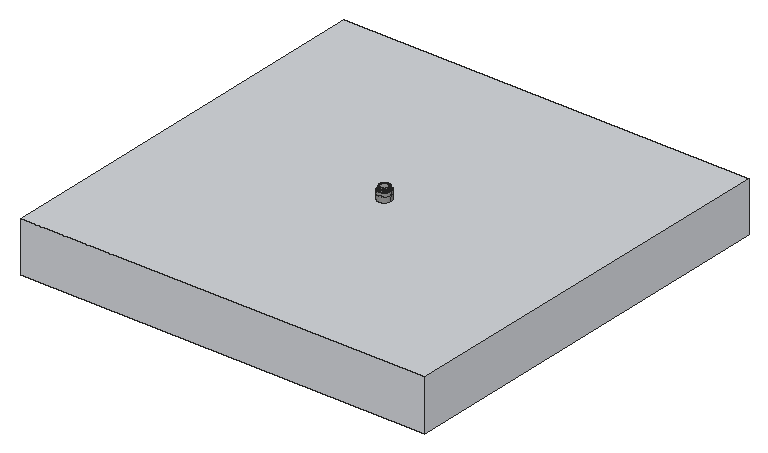
Revit family "Hekatron_Brandmeldetechnik_ORS 155 F MC  _DE_23.01", category Brandmelder, Revit 2018
Family settings
  Basisbauteil = Fläche
  Beschriftungsausrichtung beibehalten = Ja
  Bemaßung runder Anschluss = Durchmesser verwenden
  Teiletyp = Normal
  OmniClass-Nummer = 23.85.30.21
  OmniClass-Titel = Environmental Detection/Registration
  Beim Laden mit Abzugskörper schneiden = Nein
  Gemeinsam genutzt = Nein
  Raumberechnungspunkt = Nein
Parameters (values of type "ORS 155 F MC")
  Zulassungen nach EN 54 = "54-7, 54-25"
  Zulaessige Umgebungstemperatur = "-30 °C bis 70 °C"
  Zulaessige Luftgeschwindigkeit = ""
  Version des BIM Objektes = "23.01"
  VdS-Anerkennung = ""
  URL = "www.hekatron-brandschutz.de"
  UB A&S Artikel Nummer = "31-5000026-91-03"
  Typenkommentare = "Optischer Rauchschalter 155 Funk, Multi-Color"
  Tiefe (mm) = ""
  Stromaufnahme = ""
  Schutzart = "IP 42"
  Rauchteil einstellbar = ""
  Nettogewicht (g) = "168.0"
  Montageart = "Decke "
  Model = "ORS 155 F MC "
  Material = "Polycarbonat "
  Link zum Datenblatt = "https://www.hekatron-brandschutz.de/fileadmin/hekatron_elo/eloid/montageanleitung-ors-155-f_14638944.pdf"
  Link zu ausschreiben.de = "https://ausschreiben.de/catalog/hekatron/catalogItem/ec6bc8dc-b229-4226-a96c-668f20952e68"
  Link zu Produktinformation = "https://www.hekatron-brandschutz.de/fileadmin/hekatron_elo/manuell/Produktinformation-Funksystem-155-F.pdf"
  Link zu Ausschreibungstext = "https://www.meinhplus.de/login"
  Leistungserklaerung (DoP) = "CRP-31-20-001"
  Lautstaerke DIN-Ton (dB) = ""
  Kabeleinführung = ""
  Hoehe (mm) = "70.0"
  Hersteller = "Hekatron"
  Funktionsprinzip = ""
  Farbe = "Multicolor "
  Ex-Zonen = ""
  Einstellung Temperaturklasse nach EN 54-5 = ""
  Einstellung Temperaturindex nach EN 54-5 = ""
  Einstellung Rauchempfindlichkeit nach EN 54-20 = ""
  Einstellen Rauchempfindlichkeit nach EN 54-7 = ""
  EG-Konformitaetszertifikat / Zertifikat der Leistungsbestaendigkeit = "1772-CPR-200341"
  Durchmesser (mm) = "80.0"
  Diameter [instance] = 80 mm
  Breite (mm) = ""
  Betriebsspannung = "3 V DC"
  Beschreibung = "Optischer Funkrauchschalter zum Einsatz in Feststellanlagen und weiteren Anwendungen."
  Depth [instance] = 70 mm
  Vorgabe-Ansicht = 1200 mm
  Bauartgenehmigungen = ""
  Anzahl Ansaugleitungen = ""
  Ansprechtemperatur = ""
  Alarm- & Empfindlichkeitsbereich = ""
Types (2, lengths in mm): name | Typenkommentare | Beschreibung
  (no name) | "Radio optical smoke switch 155, multicolor" | "Radio optical smoke switch 155, multicolor"
  ORS 155 F MC | "Optischer Rauchschalter 155 Funk, Multi-Color" | "Optischer Funkrauchschalter zum Einsatz in Feststellanlagen und weiteren Anwendungen."
Values of the unnamed type that differ from the named types
  Zulassungen nach EN 54 = ""
  Zulaessige Umgebungstemperatur = ""
  Version des BIM Objektes = ""
  UB A&S Artikel Nummer = ""
  Schutzart = ""
  Nettogewicht (g) = ""
  Montageart = ""
  Model = "ORS 155 F MC"
  Material = ""
  Link zum Datenblatt = ""
  Link zu ausschreiben.de = ""
  Link zu Produktinformation = ""
  Link zu Ausschreibungstext = ""
  Leistungserklaerung (DoP) = ""
  Hoehe (mm) = ""
  Farbe = ""
  EG-Konformitaetszertifikat / Zertifikat der Leistungsbestaendigkeit = ""
  Durchmesser (mm) = ""
  Betriebsspannung = ""
Reference planes
  plane 1 "Center (Front/Back)": y = 0
  plane 2: z = 0
  plane 3 "Center (Left/Right)": x = 0
Forms (mm)
  Extrusion 1, solid
    sketch origin (0, 0, 0) x (1, 0, 0) y (0, 1, 0)
      loop
        line (-1219.2, 1219.2) -> (-1219.2, -1219.2) -> (1219.2, -1219.2) -> (1219.2, 1219.2) -> (-1219.2, 1219.2)
    from 0 to -304.8
  Blend 2, solid, material "Polycarbonat, RAL 9010"
    base sketch origin (0, 0, 0) x (1, 0, 0) y (0, 1, 0)
      loop
        circle (0, 0) r 39.4
    top sketch origin (0, 0, 0) x (1, 0, 0) y (0, 1, 0)
      loop
        circle (0, 0) r 40
    from 0.5 to 32.7
  Extrusion 3, solid, material "Polycarbonat, RAL 9010"
    sketch origin (0, 0, 0) x (1, 0, 0) y (0, 1, 0)
      loop
        circle (0, 0) r 40
      loop
        circle (0, 0) r 37.4
    from 33.7 to 49.6
  Extrusion 4, solid, material "Polycarbonat, RAL 9010"
    sketch origin (0, 0, 0) x (1, 0, 0) y (0, 1, 0)
      loop
        circle (0, 0) r 38.7
    from 32.7 to 33.7
  Extrusion 5, solid, material "Polycarbonat, RAL 9010"
    sketch origin (0, 0, 0) x (1, 0, 0) y (0, 1, 0)
      loop
        circle (0, 0) r 29.2
    from 49.6 to 54.756
  Extrusion 6, solid, material "Polycarbonat, RAL 9010"
    sketch origin (0, 0, 0) x (1, 0, 0) y (0, 1, 0)
      loop
        circle (0, 0) r 34.25
      loop
        circle (0, 0) r 37.25
    from 33.7 to 49.6
  Extrusion 7, solid, material "Polycarbonat, RAL 9010"
    sketch origin (0, 0, 0) x (1, 0, 0) y (0, 1, 0)
      loop
        circle (0, 0) r 29.22
      loop
        circle (0, 0) r 34.1
    from 33.7 to 49.6
  Revolve 8, solid, material "Polycarbonat, RAL 9010"
    sketch origin (0, 0, 0) x (1, 0, 0) y (0, 0, 1)
      loop
        line (-28.95, 56.905) -> (-28.95, 55.705) -> (-26.691, 55.705) -> (-26.691, 56.905) -> (-28.95, 56.905)
      loop
        line (-28.95, 59.605) -> (-28.95, 58.405) -> (-26.691, 58.405) -> (-26.691, 59.605) -> (-28.95, 59.605)
      loop
        line (-28.95, 62.405) -> (-28.95, 61.205) -> (-26.691, 61.205) -> (-26.691, 62.405) -> (-28.95, 62.405)
      loop
        line (-28.95, 65.805) -> (-28.95, 64.425) -> (-24.95, 64.425) -> (-24.95, 65.805) -> (-28.95, 65.805)
      loop
        line (-28.95, 70) -> (-28.95, 68.242) -> (-26.691, 68.242) -> (-26.691, 70) -> (-28.95, 70)
      axis (0, 70) -> (0, 55.705)
    angle from 0 to 360
  Extrusion 9, solid, material "Polycarbonat, RAL 9010"
    sketch origin (18.332, -14.712, 1.143) x (-0.390731, -0.920505, 0) y (0, 0, 1)
      loop
        line (18.452, 67.399) -> (18.452, 64.962) -> (20.837, 64.962)
        arc (20.837, 64.962) -> (20.206, 65.628) -> (19.977, 66.516) r 1.835
        line (19.977, 66.516) -> (19.977, 67.399) -> (18.452, 67.399)
    from 21.064 to 25.046
  Extrusion 10, solid, material "Polycarbonat, RAL 9010"
    sketch origin (-18.332, -14.712, 1.143) x (0.390731, -0.920505, 0) y (0, 0, -1)
      loop
        line (18.452, -67.399) -> (19.977, -67.399) -> (19.977, -66.516)
        arc (19.977, -66.516) -> (20.206, -65.628) -> (20.837, -64.962) r 1.835
        line (20.837, -64.962) -> (18.452, -64.962) -> (18.452, -67.399)
    from 21.064 to 25.046
  Extrusion 11, solid, material "Polycarbonat, RAL 9010"
    sketch origin (14.712, -18.332, 1.143) x (0.920505, 0.390731, 0) y (0, 0, -1)
      loop
        line (18.452, -67.399) -> (19.977, -67.399) -> (19.977, -66.516)
        arc (19.977, -66.516) -> (20.206, -65.628) -> (20.837, -64.962) r 1.835
        line (20.837, -64.962) -> (18.452, -64.962) -> (18.452, -67.399)
    from 21.064 to 25.046
  Extrusion 12, solid, material "Polycarbonat, RAL 9010"
    sketch origin (14.712, 18.332, 1.143) x (0.920505, -0.390731, 0) y (0, 0, 1)
      loop
        line (18.452, 67.399) -> (18.452, 64.962) -> (20.837, 64.962)
        arc (20.837, 64.962) -> (20.206, 65.628) -> (19.977, 66.516) r 1.835
        line (19.977, 66.516) -> (19.977, 67.399) -> (18.452, 67.399)
    from 21.064 to 25.046
  Extrusion 13, solid, material "Polycarbonat, RAL 9010"
    sketch origin (-14.712, -18.332, 1.143) x (-0.920505, 0.390731, 0) y (0, 0, 1)
      loop
        line (18.452, 67.399) -> (18.452, 64.962) -> (20.837, 64.962)
        arc (20.837, 64.962) -> (20.206, 65.628) -> (19.977, 66.516) r 1.835
        line (19.977, 66.516) -> (19.977, 67.399) -> (18.452, 67.399)
    from 21.064 to 25.046
  Extrusion 14, solid, material "Polycarbonat, RAL 9010"
    sketch origin (-14.712, 18.332, 1.143) x (-0.920505, -0.390731, 0) y (0, 0, -1)
      loop
        line (18.452, -67.399) -> (19.977, -67.399) -> (19.977, -66.516)
        arc (19.977, -66.516) -> (20.206, -65.628) -> (20.837, -64.962) r 1.835
        line (20.837, -64.962) -> (18.452, -64.962) -> (18.452, -67.399)
    from 21.064 to 25.046
  Extrusion 15, solid, material "Polycarbonat, RAL 9010"
    sketch origin (18.332, 14.712, 1.143) x (-0.390731, 0.920505, 0) y (0, 0, -1)
      loop
        line (18.452, -67.399) -> (19.977, -67.399) -> (19.977, -66.516)
        arc (19.977, -66.516) -> (20.206, -65.628) -> (20.837, -64.962) r 1.835
        line (20.837, -64.962) -> (18.452, -64.962) -> (18.452, -67.399)
    from 21.064 to 25.046
  Extrusion 16, solid, material "Polycarbonat, RAL 9010"
    sketch origin (-18.332, 14.712, 1.143) x (0.390731, 0.920505, 0) y (0, 0, 1)
      loop
        line (18.452, 67.399) -> (18.452, 64.962) -> (20.837, 64.962)
        arc (20.837, 64.962) -> (20.206, 65.628) -> (19.977, 66.516) r 1.835
        line (19.977, 66.516) -> (19.977, 67.399) -> (18.452, 67.399)
    from 21.064 to 25.046
  Extrusion 17, solid, material "Polycarbonat, RAL 9010"
    sketch origin (0, 0, 0) x (1, 0, 0) y (0, 1, 0)
      loop
        line (9.648, 26.718) -> (9.017, 25.233) -> (12.682, 23.677) -> (13.313, 25.162) -> (9.648, 26.718)
    from 54.756 to 64.725
  Extrusion 18, solid, material "Polycarbonat, RAL 9010"
    sketch origin (0, 0, 0) x (-1, 0, 0) y (0, -1, 0)
      loop
        line (9.648, -26.718) -> (13.313, -25.162) -> (12.682, -23.677) -> (9.017, -25.233) -> (9.648, -26.718)
    from 54.756 to 64.725
  Extrusion 19, solid, material "Polycarbonat, RAL 9010"
    sketch origin (0, 0, 0) x (0, -1, 0) y (1, 0, 0)
      loop
        line (9.648, -26.718) -> (13.313, -25.162) -> (12.682, -23.677) -> (9.017, -25.233) -> (9.648, -26.718)
    from 54.756 to 64.725
  Extrusion 20, solid, material "Polycarbonat, RAL 9010"
    sketch origin (0, 0, 0) x (0, 1, 0) y (-1, 0, 0)
      loop
        line (9.648, 26.718) -> (9.017, 25.233) -> (12.682, 23.677) -> (13.313, 25.162) -> (9.648, 26.718)
    from 54.756 to 64.725
  Extrusion 21, solid, material "Polycarbonat, RAL 9010"
    sketch origin (0, 0, 0) x (0, -1, 0) y (1, 0, 0)
      loop
        line (9.648, 26.718) -> (9.017, 25.233) -> (12.682, 23.677) -> (13.313, 25.162) -> (9.648, 26.718)
    from 54.756 to 64.725
  Extrusion 22, solid, material "Polycarbonat, RAL 9010"
    sketch origin (0, 0, 0) x (0, 1, 0) y (-1, 0, 0)
      loop
        line (9.648, -26.718) -> (13.313, -25.162) -> (12.682, -23.677) -> (9.017, -25.233) -> (9.648, -26.718)
    from 54.756 to 64.725
  Extrusion 23, solid, material "Polycarbonat, RAL 9010"
    sketch origin (0, 0, 0) x (1, 0, 0) y (0, 1, 0)
      loop
        line (9.648, -26.718) -> (13.313, -25.162) -> (12.682, -23.677) -> (9.017, -25.233) -> (9.648, -26.718)
    from 54.756 to 64.725
  Extrusion 24, solid, material "Polycarbonat, RAL 9010"
    sketch origin (0, 0, 0) x (-1, 0, 0) y (0, -1, 0)
      loop
        line (9.648, 26.718) -> (9.017, 25.233) -> (12.682, 23.677) -> (13.313, 25.162) -> (9.648, 26.718)
    from 54.756 to 64.725
  Extrusion 25, solid, material "Polycarbonat, RAL 9010"
    sketch origin (0, 0, 0) x (1, 0, 0) y (0, 1, 0)
      loop
        line (23.731, 18.897) -> (20.267, 16.897)
        arc (20.267, 16.897) -> (18.62, 10.75) -> (24.767, 9.103) r 4.5
        line (24.767, 9.103) -> (28.231, 11.103)
        arc (28.231, 11.103) -> (29.878, 17.25) -> (23.731, 18.897) r 4.5
      loop
        line (-20.617, -14.79) -> (-23.117, -10.46)
        arc (-23.117, -10.46) -> (-29.264, -8.813) -> (-30.911, -14.96) r 4.5
        line (-30.911, -14.96) -> (-28.411, -19.29)
        arc (-28.411, -19.29) -> (-22.264, -20.937) -> (-20.617, -14.79) r 4.5
      loop
        arc (21.517, 14.732) -> (20.785, 12) -> (23.517, 11.268) r 2
        line (23.517, 11.268) -> (26.981, 13.268)
        arc (26.981, 13.268) -> (27.713, 16) -> (24.981, 16.732) r 2
        line (24.981, 16.732) -> (21.517, 14.732)
      loop
        arc (-26.246, -18.04) -> (-23.514, -18.772) -> (-22.782, -16.04) r 2
        line (-22.782, -16.04) -> (-25.282, -11.71)
        arc (-25.282, -11.71) -> (-28.014, -10.978) -> (-28.746, -13.71) r 2
        line (-28.746, -13.71) -> (-26.246, -18.04)
      loop
        circle (-14.879, 25.763) r 4.02
      loop
        circle (-14.879, 25.763) r 5
      loop
        circle (14.879, -25.763) r 4.02
      loop
        circle (14.879, -25.763) r 5
    from 0 to 0.5
  Extrusion 26, void
    sketch origin (0, 0, 0) x (1, 0, 0) y (0, 1, 0)
      loop
        circle (0, 0) r 5
      loop
        circle (-14.879, 25.763) r 4.02
      loop
        line (24.981, 16.732) -> (21.517, 14.732)
        arc (21.517, 14.732) -> (20.785, 12) -> (23.517, 11.268) r 2
        line (23.517, 11.268) -> (26.981, 13.268)
        arc (26.981, 13.268) -> (27.713, 16) -> (24.981, 16.732) r 2
      loop
        circle (14.879, -25.763) r 4.02
      loop
        line (-22.782, -16.04) -> (-25.282, -11.71)
        arc (-25.282, -11.71) -> (-28.014, -10.978) -> (-28.746, -13.71) r 2
        line (-28.746, -13.71) -> (-26.246, -18.04)
        arc (-26.246, -18.04) -> (-23.514, -18.772) -> (-22.782, -16.04) r 2
    from 0.5 to 1
  Extrusion 27, solid, material "Polycarbonat, RAL 9010"
    sketch origin (0, 0, 0) x (1, 0, 0) y (0, 1, 0)
      loop
        circle (0, 0) r 26.691
    from 68.542 to 70
Cuts and joins
  Extrusion 26 cuts Blend 2
  Extrusion 26 cuts Extrusion 4
  Extrusion 26 cuts Extrusion 5
Dimensions and locks
  "Depth": Revolve 8 to Extrusion 1
  "Diameter": diameter of Extrusion 3
  aligned and locked: plane 2 to Extrusion 1
  aligned and locked: level to Extrusion 1
Automatic sketch dimensions
  Extrusion 1 sketch curve to Extrusion 1 sketch curve = 2438.4 mm  (x2)
  plane 1 "Center (Front/Back)" to Blend 2 sketch curve = 0 mm  (x2)
  Blend 2 sketch curve to plane 3 "Center (Left/Right)" = 0 mm  (x2)
  Extrusion 3 sketch curve to Extrusion 3 sketch curve = 0 mm  (x2)
  plane 1 "Center (Front/Back)" to Extrusion 3 sketch curve = 0 mm
  Extrusion 3 sketch curve to plane 3 "Center (Left/Right)" = 0 mm
  plane 1 "Center (Front/Back)" to Extrusion 4 sketch curve = 0 mm
  Extrusion 4 sketch curve to plane 3 "Center (Left/Right)" = 0 mm
  plane 1 "Center (Front/Back)" to Extrusion 5 sketch curve = 0 mm
  Extrusion 5 sketch curve to plane 3 "Center (Left/Right)" = 0 mm
  Extrusion 6 sketch curve to Extrusion 6 sketch curve = 0 mm  (x2)
  plane 1 "Center (Front/Back)" to Extrusion 6 sketch curve = 0 mm
  Extrusion 6 sketch curve to plane 3 "Center (Left/Right)" = 0 mm
  Extrusion 7 sketch curve to Extrusion 7 sketch curve = 0 mm  (x2)
  plane 1 "Center (Front/Back)" to Extrusion 7 sketch curve = 0 mm
  Extrusion 7 sketch curve to plane 3 "Center (Left/Right)" = 0 mm
  Revolve 8 sketch curve to plane 3 "Center (Left/Right)" = 0 mm
  Revolve 8 sketch curve to plane 3 "Center (Left/Right)" = 24.95 mm
  Revolve 8 sketch curve to Revolve 8 sketch curve = 1.741 mm  (x2)
  Revolve 8 sketch curve to Revolve 8 sketch curve = 0 mm  (x3)
  Revolve 8 sketch curve to Revolve 8 sketch curve = 2.259 mm  (x4)
  level to Revolve 8 sketch curve = 55.705 mm
  Revolve 8 sketch curve to Revolve 8 sketch curve = 1.2 mm  (x3)
  Revolve 8 sketch curve to Revolve 8 sketch curve = 1.5 mm
  Revolve 8 sketch curve to Revolve 8 sketch curve = 1.6 mm
  Revolve 8 sketch curve to Revolve 8 sketch curve = 2.02 mm
  Revolve 8 sketch curve to Revolve 8 sketch curve = 1.38 mm
  Revolve 8 sketch curve to Revolve 8 sketch curve = 2.437 mm
  Revolve 8 sketch curve to Revolve 8 sketch curve = 1.758 mm
  Revolve 8 sketch curve to level = 609.6 mm
  Revolve 8 sketch curve to Revolve 8 sketch curve = 2538.758 mm
  level to Extrusion 9 sketch curve = 66.105 mm
  Extrusion 9 sketch curve to Extrusion 9 sketch curve = 1.524 mm
  Extrusion 9 sketch curve to Extrusion 9 sketch curve = 0.86 mm
  Extrusion 9 sketch curve to Extrusion 9 sketch curve = 0.975 mm
  Extrusion 9 sketch curve to Extrusion 9 sketch curve = 0.883 mm
  level to Extrusion 10 sketch curve = 66.105 mm
  Extrusion 10 sketch curve to Extrusion 10 sketch curve = 1.524 mm
  Extrusion 10 sketch curve to Extrusion 10 sketch curve = 0.86 mm
  Extrusion 10 sketch curve to Extrusion 10 sketch curve = 0.975 mm
  Extrusion 10 sketch curve to Extrusion 10 sketch curve = 0.883 mm
  level to Extrusion 11 sketch curve = 66.105 mm
  Extrusion 11 sketch curve to Extrusion 11 sketch curve = 1.524 mm
  Extrusion 11 sketch curve to Extrusion 11 sketch curve = 0.86 mm
  Extrusion 11 sketch curve to Extrusion 11 sketch curve = 0.975 mm
  Extrusion 11 sketch curve to Extrusion 11 sketch curve = 0.883 mm
  level to Extrusion 12 sketch curve = 66.105 mm
  Extrusion 12 sketch curve to Extrusion 12 sketch curve = 1.524 mm
  Extrusion 12 sketch curve to Extrusion 12 sketch curve = 0.86 mm
  Extrusion 12 sketch curve to Extrusion 12 sketch curve = 0.975 mm
  Extrusion 12 sketch curve to Extrusion 12 sketch curve = 0.883 mm
  level to Extrusion 13 sketch curve = 66.105 mm
  Extrusion 13 sketch curve to Extrusion 13 sketch curve = 1.524 mm
  Extrusion 13 sketch curve to Extrusion 13 sketch curve = 0.86 mm
  Extrusion 13 sketch curve to Extrusion 13 sketch curve = 0.975 mm
  Extrusion 13 sketch curve to Extrusion 13 sketch curve = 0.883 mm
  level to Extrusion 14 sketch curve = 66.105 mm
  Extrusion 14 sketch curve to Extrusion 14 sketch curve = 1.524 mm
  Extrusion 14 sketch curve to Extrusion 14 sketch curve = 0.86 mm
  Extrusion 14 sketch curve to Extrusion 14 sketch curve = 0.975 mm
  Extrusion 14 sketch curve to Extrusion 14 sketch curve = 0.883 mm
  level to Extrusion 15 sketch curve = 66.105 mm
  Extrusion 15 sketch curve to Extrusion 15 sketch curve = 1.524 mm
  Extrusion 15 sketch curve to Extrusion 15 sketch curve = 0.86 mm
  Extrusion 15 sketch curve to Extrusion 15 sketch curve = 0.975 mm
  Extrusion 15 sketch curve to Extrusion 15 sketch curve = 0.883 mm
  level to Extrusion 16 sketch curve = 66.105 mm
  Extrusion 16 sketch curve to Extrusion 16 sketch curve = 1.524 mm
  Extrusion 16 sketch curve to Extrusion 16 sketch curve = 0.86 mm
  Extrusion 16 sketch curve to Extrusion 16 sketch curve = 0.975 mm
  Extrusion 16 sketch curve to Extrusion 16 sketch curve = 0.883 mm
  plane 3 "Center (Left/Right)" to Extrusion 17 sketch curve = 9.017 mm
  Extrusion 17 sketch curve to Extrusion 17 sketch curve = 0.631 mm
  Extrusion 17 sketch curve to Extrusion 17 sketch curve = 3.665 mm
  Extrusion 17 sketch curve to plane 1 "Center (Front/Back)" = 23.677 mm
  Extrusion 17 sketch curve to Extrusion 17 sketch curve = 1.486 mm
  plane 3 "Center (Left/Right)" to Extrusion 18 sketch curve = 9.017 mm
  Extrusion 18 sketch curve to Extrusion 18 sketch curve = 0.631 mm
  Extrusion 18 sketch curve to Extrusion 18 sketch curve = 3.665 mm
  plane 1 "Center (Front/Back)" to Extrusion 18 sketch curve = 23.677 mm
  Extrusion 18 sketch curve to Extrusion 18 sketch curve = 1.486 mm
  Extrusion 19 sketch curve to plane 1 "Center (Front/Back)" = 9.017 mm
  Extrusion 19 sketch curve to Extrusion 19 sketch curve = 0.631 mm
  Extrusion 19 sketch curve to Extrusion 19 sketch curve = 3.665 mm
  plane 3 "Center (Left/Right)" to Extrusion 19 sketch curve = 23.677 mm
  Extrusion 19 sketch curve to Extrusion 19 sketch curve = 1.486 mm
  Extrusion 20 sketch curve to plane 1 "Center (Front/Back)" = 9.017 mm
  Extrusion 20 sketch curve to Extrusion 20 sketch curve = 0.631 mm
  Extrusion 20 sketch curve to Extrusion 20 sketch curve = 3.665 mm
  Extrusion 20 sketch curve to plane 3 "Center (Left/Right)" = 23.677 mm
  Extrusion 20 sketch curve to Extrusion 20 sketch curve = 1.486 mm
  plane 1 "Center (Front/Back)" to Extrusion 21 sketch curve = 9.017 mm
  Extrusion 21 sketch curve to Extrusion 21 sketch curve = 0.631 mm
  Extrusion 21 sketch curve to Extrusion 21 sketch curve = 3.665 mm
  plane 3 "Center (Left/Right)" to Extrusion 21 sketch curve = 23.677 mm
  Extrusion 21 sketch curve to Extrusion 21 sketch curve = 1.486 mm
  plane 1 "Center (Front/Back)" to Extrusion 22 sketch curve = 9.017 mm
  Extrusion 22 sketch curve to Extrusion 22 sketch curve = 0.631 mm
  Extrusion 22 sketch curve to Extrusion 22 sketch curve = 3.665 mm
  Extrusion 22 sketch curve to plane 3 "Center (Left/Right)" = 23.677 mm
  Extrusion 22 sketch curve to Extrusion 22 sketch curve = 1.486 mm
  Extrusion 23 sketch curve to plane 3 "Center (Left/Right)" = 9.017 mm
  Extrusion 23 sketch curve to Extrusion 23 sketch curve = 0.631 mm
  Extrusion 23 sketch curve to Extrusion 23 sketch curve = 3.665 mm
  Extrusion 23 sketch curve to plane 1 "Center (Front/Back)" = 23.677 mm
  Extrusion 23 sketch curve to Extrusion 23 sketch curve = 1.486 mm
  Extrusion 24 sketch curve to plane 3 "Center (Left/Right)" = 9.017 mm
  Extrusion 24 sketch curve to Extrusion 24 sketch curve = 0.631 mm
  Extrusion 24 sketch curve to Extrusion 24 sketch curve = 3.665 mm
  plane 1 "Center (Front/Back)" to Extrusion 24 sketch curve = 23.677 mm
  Extrusion 24 sketch curve to Extrusion 24 sketch curve = 1.486 mm
  Extrusion 25 sketch curve to Extrusion 25 sketch curve = 0 mm  (x12)
  plane 1 "Center (Front/Back)" to Extrusion 25 sketch curve = 14.96 mm
  Extrusion 25 sketch curve to plane 3 "Center (Left/Right)" = 30.911 mm
  plane 1 "Center (Front/Back)" to Extrusion 25 sketch curve = 13.71 mm
  Extrusion 25 sketch curve to Extrusion 25 sketch curve = 2.165 mm  (x3)
  Extrusion 25 sketch curve to Extrusion 25 sketch curve = 2.5 mm
  Extrusion 25 sketch curve to Extrusion 25 sketch curve = 1.732 mm  (x6)
  plane 1 "Center (Front/Back)" to Extrusion 25 sketch curve = 11.71 mm
  plane 1 "Center (Front/Back)" to Extrusion 25 sketch curve = 10.46 mm
  plane 1 "Center (Front/Back)" to Extrusion 25 sketch curve = 16.04 mm
  plane 1 "Center (Front/Back)" to Extrusion 25 sketch curve = 14.79 mm
  Extrusion 25 sketch curve to plane 3 "Center (Left/Right)" = 14.879 mm
  plane 3 "Center (Left/Right)" to Extrusion 25 sketch curve = 14.879 mm
  plane 3 "Center (Left/Right)" to Extrusion 25 sketch curve = 20.267 mm
  Extrusion 25 sketch curve to Extrusion 25 sketch curve = 1.25 mm  (x4)
  Extrusion 25 sketch curve to Extrusion 25 sketch curve = 1 mm  (x5)
  Extrusion 25 sketch curve to plane 1 "Center (Front/Back)" = 11.268 mm
  Extrusion 25 sketch curve to Extrusion 25 sketch curve = 3.464 mm
  Extrusion 25 sketch curve to plane 1 "Center (Front/Back)" = 9.103 mm
  Extrusion 25 sketch curve to plane 1 "Center (Front/Back)" = 13.268 mm
  Extrusion 25 sketch curve to plane 1 "Center (Front/Back)" = 11.103 mm
  plane 1 "Center (Front/Back)" to Extrusion 25 sketch curve = 25.763 mm
  Extrusion 25 sketch curve to plane 1 "Center (Front/Back)" = 25.763 mm
  Extrusion 26 sketch curve to Extrusion 26 sketch curve = 0 mm  (x4)
  plane 1 "Center (Front/Back)" to Extrusion 26 sketch curve = 0 mm
  Extrusion 26 sketch curve to plane 3 "Center (Left/Right)" = 0 mm
  Extrusion 26 sketch curve to plane 3 "Center (Left/Right)" = 14.879 mm
  Extrusion 26 sketch curve to plane 3 "Center (Left/Right)" = 22.782 mm
  Extrusion 26 sketch curve to Extrusion 26 sketch curve = 1.732 mm  (x6)
  plane 1 "Center (Front/Back)" to Extrusion 26 sketch curve = 11.71 mm
  Extrusion 26 sketch curve to Extrusion 26 sketch curve = 2.5 mm
  plane 1 "Center (Front/Back)" to Extrusion 26 sketch curve = 13.71 mm
  plane 3 "Center (Left/Right)" to Extrusion 26 sketch curve = 14.879 mm
  plane 3 "Center (Left/Right)" to Extrusion 26 sketch curve = 21.517 mm
  Extrusion 26 sketch curve to Extrusion 26 sketch curve = 1 mm  (x5)
  Extrusion 26 sketch curve to Extrusion 26 sketch curve = 3.464 mm
  Extrusion 26 sketch curve to plane 1 "Center (Front/Back)" = 13.268 mm
  Extrusion 26 sketch curve to Extrusion 26 sketch curve = 4.33 mm
  plane 1 "Center (Front/Back)" to Extrusion 26 sketch curve = 25.763 mm
  Extrusion 26 sketch curve to Extrusion 26 sketch curve = 2 mm
  Extrusion 26 sketch curve to plane 1 "Center (Front/Back)" = 25.763 mm
  Extrusion 26 sketch curve to Extrusion 26 sketch curve = 4.02 mm  (x2)
  Extrusion 27 sketch curve to Extrusion 27 sketch curve = 0 mm  (x2)
  plane 1 "Center (Front/Back)" to Extrusion 27 sketch curve = 0 mm
  Extrusion 27 sketch curve to plane 3 "Center (Left/Right)" = 0 mm
  Extrusion 27 sketch curve to Extrusion 27 sketch curve = 26.691 mm
  radius of Blend 2 sketch curve = 39.4 mm
  radius of Blend 2 sketch curve = 40 mm
  radius of Extrusion 3 sketch curve = 40 mm
  radius of Extrusion 3 sketch curve = 37.4 mm
  radius of Extrusion 4 sketch curve = 38.7 mm
  radius of Extrusion 5 sketch curve = 29.2 mm
  radius of Extrusion 6 sketch curve = 34.25 mm
  radius of Extrusion 6 sketch curve = 37.25 mm
  radius of Extrusion 7 sketch curve = 29.22 mm
  radius of Extrusion 7 sketch curve = 34.1 mm
  radius of Extrusion 25 sketch curve = 4.02 mm  (x2)
  radius of Extrusion 25 sketch curve = 5 mm  (x2)
  radius of Extrusion 26 sketch curve = 5 mm
Connectors
  electrical at (0, 0, 0)
    settings: index 1, voltage 0 V, apparent load 0 VA, apparent load phase1 0 VA, apparent load phase2 0 VA, apparent load phase3 0 VA, power factor 1, load classification "Other", number of poles 1, system type 11, power factor state 1, is connector primary yes, connector utility no, sub classification motor no, connector description ""
